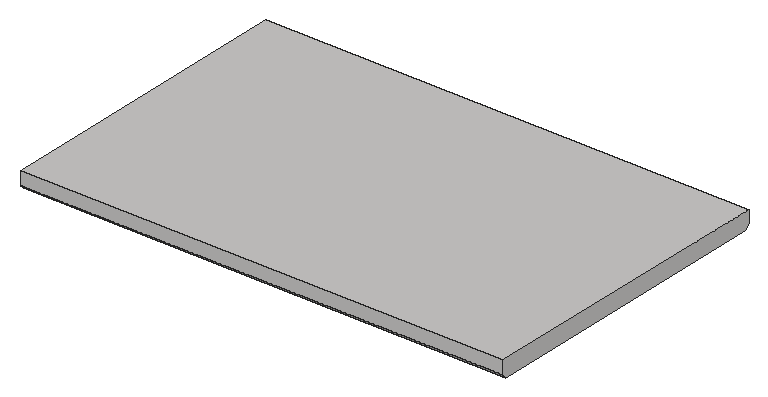
Revit family "QF_ELECTROLUXPROFESSIONAL_121107_TPLA11", category Attrezzature speciali, Revit 2020
Family settings
  Quota connettore circolare = Usa diametro
  Tipo di parte = Normale
  Basato su piano di lavoro = No
  Sempre verticale = Sì
  Taglio con vuoti quando caricato = No
  Condiviso = No
  Punto di calcolo locali = No
Parameters (values of type "Standard")
  Weight = 37.00 kg
  Watts = 0 W
  Volts = 0 V
  URL Manufacturer = "https://www.electroluxprofessional.com/"
  URL = "https://www.electroluxprofessional.com/"
  Steam Supply Size = 0 mm
  Steam Supply Minimum Pressure = 0.0 Pa
  Steam Supply Maximum Pressure = 0.0 Pa
  Steam Consumption per Hour = 0
  Refrigeration Suction Line Size = 0.0 mm
  Refrigeration Liquid Line Size = 0.0 mm
  Refrigerant Compressor Remote = yes
  Prospetto di default = 0.0 mm
  Phase = 0
  Modello = "TPLA11"
  Produttore = "Electrolux Professional"
  Length Actual = 1100.0 mm  # constant formula
  Item Number = "121107"
  Hot Water Size = 0 mm
  Height Actual = 40.0 mm  # constant formula
  HP = "0 HP"
  Gas Size = 0 mm
  Gas KW = 0
  Gas Input Pressure = 0 W
  Direct Waste Size = 0 mm
  Descrizione = "WORK TOP 1100MM"
  Depth Actual = 700.0 mm  # constant formula
  Cycle = 0 Hz
  Condensate Return Size = 0 mm
  Compressed Air Volume = 0.0 L/s
  Compressed Air Size = 0 mm
  Compressed Air Pressure = 0.0 Pa
  Cold Water Size = 0 mm
  Accessory = yes
Reference planes
  plane 1 "Center (Front/Back)": y = 0
  plane 2: z = 0
  plane 3 "Center (Left/Right)": x = -50
  plane 4 "LEFT": x = -600
  plane 5 "RIGHT": x = 500
  plane 6 "BACK": y = 350
  plane 7 "FRONT": y = -350
  plane 8 "TOP": z = 860
  plane 9 "BaseTop": z = 900
Forms (mm)
  Extrusion 1, solid, material "QF_Finishes_Stainless Steel"
    sketch origin (-50, 0, 0) x (0, 1, 0) y (0, 0, 1)
      loop
        line (-350, 900) -> (-350, 870) -> (-340, 860) -> (340, 860) -> (350, 870) -> (350, 900) -> (-350, 900)
    from 550 to -550
Lines and regions (mm)
  symbolic lines
    curve 1: line (500, 350, 860) -> (-600, 350, 860)
    curve 2: line (-600, 350, 860) -> (-600, -350, 860)
    curve 3: line (-600, -350, 860) -> (500, -350, 860)
    curve 4: line (500, -350, 860) -> (500, 350, 860)
Dimensions and locks
  plane 4 "LEFT" to plane 5 "RIGHT" = 1100.0 mm
  equal spacing: plane 4 "LEFT", plane 3 "Center (Left/Right)", plane 5 "RIGHT"
  plane 6 "BACK" to plane 7 "FRONT" = 700.0 mm
  equal spacing: plane 6 "BACK", plane 1 "Center (Front/Back)", plane 7 "FRONT"
  locked: plane 9 "BaseTop" to plane 8 "TOP" at 40
  plane 8 "TOP" to level = 860.0 mm
  aligned and locked: level to plane 2
  aligned and locked: Extrusion 1 to plane 4 "LEFT"
  aligned and locked: plane 5 "RIGHT" to Extrusion 1
  aligned and locked: curve 2 to plane 4 "LEFT"
  aligned and locked: plane 9 "BaseTop" to Extrusion 1 sketch curve
Automatic sketch dimensions
  curve 3 to plane 7 "FRONT" = 0.0 mm
  curve 4 to plane 6 "BACK" = 0.0 mm
  curve 4 to plane 5 "RIGHT" = 0.0 mm
  Extrusion 1 sketch curve to plane 7 "FRONT" = 0.0 mm
  level to Extrusion 1 sketch curve = 860.0 mm
  Extrusion 1 sketch curve to plane 6 "BACK" = 0.0 mm
  plane 7 "FRONT" to Extrusion 1 sketch curve = 10.0 mm
  level to Extrusion 1 sketch curve = 870.0 mm  (x2)
  Extrusion 1 sketch curve to plane 6 "BACK" = 10.0 mm
